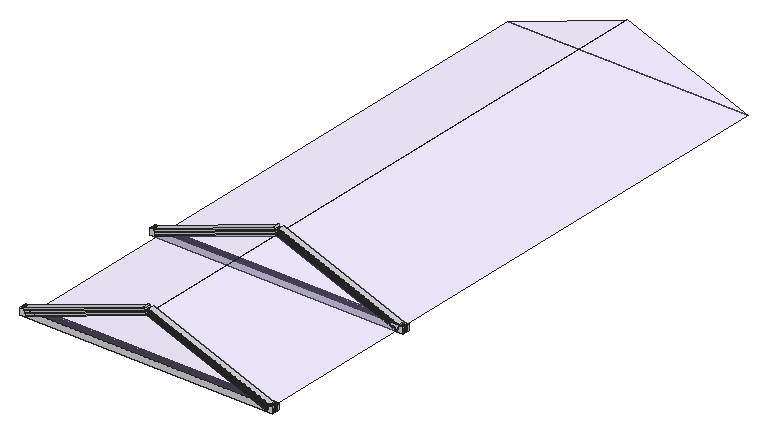
Revit family
Parameters
  luce [instance] = 800 cm
  hipotenusa [instance] = (luce / 2) / sin(90.00° - Inclinazione) * sin(90.00°)  # 425.6711 cm
  catena_sporgenza [instance] = 20 cm
  Puntone_lunghezza [instance] = luce / 2 cm * luce / 2 + Capriata_altezza + Capriata_altezza  # 160291.1762 cm
  Puntone_inclinazione [instance] = 90.00° + (Inclinazione)  # 110.00°
  Lunghezza [instance] = 2000 cm
  Inclinazione [instance] = 20.00°
  Default Elevation = 121.92 cm
  Capriata_altezza [instance] = (luce / 2) / sin(90.00° - Inclinazione) * sin(Inclinazione)  # 145.5881 cm
Reference planes (cm)
  plane 1 "Center (Front/Back)": y = 0
  plane 2: z = 0
  plane 3: z = 18.1515
  plane 4: x = -122.7183
  plane 5: x = 677.2817
  plane 6: through (-122.7183, -152.4, 18.1515) normal (-0.342, 0, 0.9397)
  plane 7: through (97.0097, -152.4, 229.3533) normal (0.342, 0, 0.9397)
  plane 8: y = -500
  plane 9: y = 1500
  plane 10: z = 163.7396
  plane 11: through (-122.7681, -152.4, 18.1233) normal (-0.9397, 0, -0.342)
  plane 12: through (269.0234, -152.4, 186.264) normal (0.9397, 0, 0.342)
  plane 13: x = -142.7183
  plane 14: x = 697.2817
  plane 15: through (700.6772, -152.4, 82.4303) normal (0.9397, 0, -0.342)
  plane 16: through (300.6772, -152.4, 228.0184) normal (-0.9397, 0, 0.342)
Forms (cm)
  Extrusion 1, solid
    sketch origin (0, 0, 0) x (1, 0, 0) y (0, 0, 1)
      loop
        line (-122.7183, 18.1515) -> (677.2817, 18.1515) -> (277.2817, 163.7396) -> (-122.7183, 18.1515)
    from -1500 to 500
Dimensions and locks (cm)
  "luce": plane 4 to plane 5
  "Lunghezza": plane 8 to plane 9
  "Capriata_altezza": plane 10 to plane 3
  "hipotenusa": plane 12 to plane 11
  "hipotenusa": plane 16 to plane 15
  "catena_sporgenza": plane 14 to plane 5
  "catena_sporgenza": plane 4 to plane 13
  "Inclinazione": angle plane 3 to plane 6
  "Inclinazione": angle plane 7 to plane 3
  "Puntone_inclinazione": angle plane 3 to plane 11
  "Puntone_inclinazione": angle plane 15 to plane 3
  "Puntone_inclinazione": angle plane 16 to plane 3
  aligned and locked: Extrusion 1 sketch curve to plane 3
  aligned and locked: Extrusion 1 sketch curve to plane 6
  aligned and locked: Extrusion 1 sketch curve to plane 7
  aligned and locked: plane 9 to Extrusion 1
  aligned and locked: plane 8 to Extrusion 1
  aligned and locked: plane 11 to nested 1
  aligned and locked: nested 1 to plane 12
  aligned and locked: nested 3 to plane 13
  aligned and locked: plane 14 to nested 3
  aligned and locked: nested 2 to plane 15
  aligned and locked: nested 4 to plane 15
  aligned and locked: plane 14 to nested 5
  aligned and locked: nested 6 to plane 11
  aligned and locked: nested 6 to plane 12
Nested families (cm)
  nested 1: "Trave legno lamellare" at (289.6701, -432.4016, 129.5377) x (0, -1, 0) z (-0.342, 0, 0.9397), type "Trave legno lamellare"
    with c_trave_base 20 cm, c_lamella_spessore 4 cm, c_Trave_lunghezza 425.6711 cm, Trave_lunghezza 500 cm, Lamella_spessore 4 cm
  nested 2: "Trave legno lamellare" at (264.8402, -547.5984, 129.557) x (0, 1, 0) z (0.342, 0, 0.9397), type "Trave legno lamellare"
    with c_trave_base 20 cm, c_lamella_spessore 4 cm, c_Trave_lunghezza 425.6711 cm, Trave_lunghezza 500 cm, Lamella_spessore 4 cm
  nested 3: "Trave legno lamellare" at (697.2817, -536.3764, 85.7499) x (0, 0, -1) z (0, 1, 0), type "Trave legno lamellare"
    with c_trave_base 20 cm, c_lamella_spessore 4 cm, c_Trave_lunghezza 840 cm, Trave_lunghezza 500 cm, Lamella_spessore 4 cm
  nested 4: "Trave legno lamellare" at (264.8402, -8.4034, 129.557) x (0, 1, 0) z (0.342, 0, 0.9397), type "Trave legno lamellare"
    with c_trave_base 20 cm, c_lamella_spessore 4 cm, c_Trave_lunghezza 425.6711 cm, Trave_lunghezza 500 cm, Lamella_spessore 4 cm
  nested 5: "Trave legno lamellare" at (697.2817, 2.8046, 85.6515) x (0, 0, -1) z (0, 1, 0), type "Trave legno lamellare"
    with c_trave_base 20 cm, c_lamella_spessore 4 cm, c_Trave_lunghezza 840 cm, Trave_lunghezza 500 cm, Lamella_spessore 4 cm
  nested 6: "Trave legno lamellare" at (289.6701, 106.7706, 129.5377) x (0, -1, 0) z (-0.342, 0, 0.9397), type "Trave legno lamellare"
    with c_trave_base 20 cm, c_lamella_spessore 4 cm, c_Trave_lunghezza 425.6711 cm, Trave_lunghezza 500 cm, Lamella_spessore 4 cm
Definition of nested family "Trave legno lamellare"
  Parameters
    c_trave_base [instance] = 20 cm
    c_lamella_spessore [instance] = 4 cm
    c_Trave_lunghezza [instance] = 500 cm
    Trave_lunghezza [instance] = 500 cm
    Lamella_spessore [instance] = 4 cm
    Default Elevation = 121.92 cm
  Reference planes (cm)
    plane 1 "Center (Front/Back)": y = 0
    plane 2: z = 0
    plane 3 "Center (Left/Right)": x = 0
    plane 4: z = 36.3764
    plane 5: z = 40.3764
    plane 6: z = 44.3764
    plane 7: z = 48.3764
    plane 8: z = 52.3764
    plane 9: z = 56.3764
    plane 10: z = 60.3764
    plane 11: x = 47.5984
    plane 12: x = 67.5984
    plane 13: y = -500
  Forms (cm)
    Extrusion 1, solid
      sketch origin (0, 0, 0) x (1, 0, 0) y (0, 0, 1)
        loop
          line (47.5984, 36.3764) -> (67.5984, 36.3764) -> (67.5984, 40.3764) -> (47.5984, 40.3764) -> (47.5984, 36.3764)
      from 0 to 500
    Extrusion 2, solid
      sketch origin (0, 0, 8) x (1, 0, 0) y (0, 0, 1)
        loop
          line (47.5984, 32.3764) -> (67.5984, 32.3764) -> (67.5984, 36.3764) -> (47.5984, 36.3764) -> (47.5984, 32.3764)
      from 0 to 500
    Extrusion 3, solid
      sketch origin (0, 0, 16) x (1, 0, 0) y (0, 0, 1)
        loop
          line (47.5984, 28.3764) -> (67.5984, 28.3764) -> (67.5984, 32.3764) -> (47.5984, 32.3764) -> (47.5984, 28.3764)
      from 0 to 500
    Extrusion 4, solid
      sketch origin (0, 0, 26) x (1, 0, 0) y (0, 0, 1)
        loop
          line (47.5984, 22.3764) -> (67.5984, 22.3764) -> (67.5984, 26.3764) -> (47.5984, 26.3764) -> (47.5984, 22.3764)
      from 0 to 500
    Extrusion 5, solid
      sketch origin (0, 0, 34) x (1, 0, 0) y (0, 0, 1)
        loop
          line (47.5984, 18.3764) -> (67.5984, 18.3764) -> (67.5984, 22.3764) -> (47.5984, 22.3764) -> (47.5984, 18.3764)
      from 0 to 500
    Extrusion 6, solid
      sketch origin (0, 0, 42) x (1, 0, 0) y (0, 0, 1)
        loop
          line (47.5984, 14.3764) -> (67.5984, 14.3764) -> (67.5984, 18.3764) -> (47.5984, 18.3764) -> (47.5984, 14.3764)
      from 0 to 500
  Dimensions and locks (cm)
    "c_trave_base": plane 11 to plane 12
    "c_lamella_spessore": plane 5 to plane 4
    "c_lamella_spessore": plane 6 to plane 5
    "c_lamella_spessore": plane 7 to plane 6
    "c_lamella_spessore": plane 8 to plane 7
    "c_lamella_spessore": plane 9 to plane 8
    "c_lamella_spessore": plane 10 to plane 9
    "c_Trave_lunghezza": plane 1 "Center (Front/Back)" to plane 13
    aligned and locked: plane 5 to Extrusion 1 sketch curve
    aligned and locked: plane 11 to Extrusion 1 sketch curve
    aligned and locked: Extrusion 1 sketch curve to plane 4
    aligned and locked: Extrusion 1 sketch curve to plane 12
    aligned and locked: plane 7 to Extrusion 3
    aligned and locked: Extrusion 3 to plane 6
    aligned and locked: Extrusion 6 to plane 13
    aligned and locked: Extrusion 3 to Extrusion 4
    aligned and locked: Extrusion 2 to Extrusion 3
    aligned and locked: Extrusion 1 to Extrusion 2
    aligned and locked: Extrusion 2 to Extrusion 6
    aligned and locked: Extrusion 1 to Extrusion 5
  Automatic sketch dimensions
    Extrusion 2 sketch curve to plane 6 = 0 cm
    Extrusion 2 sketch curve to plane 11 = 0 cm
    Extrusion 2 sketch curve to plane 12 = 0 cm
    Extrusion 2 sketch curve to plane 5 = 0 cm
    Extrusion 3 sketch curve to plane 11 = 0 cm
    Extrusion 3 sketch curve to plane 12 = 0 cm
    plane 6 to Extrusion 3 sketch curve = 0 cm
    Extrusion 3 sketch curve to plane 7 = 0 cm
    Extrusion 4 sketch curve to plane 8 = 0 cm
    Extrusion 4 sketch curve to plane 11 = 0 cm
    Extrusion 4 sketch curve to plane 12 = 0 cm
    Extrusion 4 sketch curve to plane 7 = 0 cm
    Extrusion 5 sketch curve to plane 9 = 0 cm
    Extrusion 5 sketch curve to plane 11 = 0 cm
    Extrusion 5 sketch curve to plane 12 = 0 cm
    Extrusion 5 sketch curve to plane 8 = 0 cm
    Extrusion 6 sketch curve to plane 10 = 0 cm
    Extrusion 6 sketch curve to plane 11 = 0 cm
    Extrusion 6 sketch curve to plane 12 = 0 cm
    Extrusion 6 sketch curve to plane 9 = 0 cm
